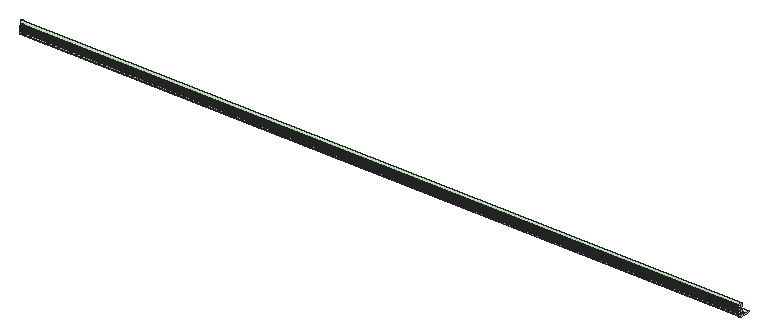
Revit family "PowerL3850", category 機械設備, Revit 2020
Family settings
  丸型コネクタ寸法 = 直径を使用
  種別 = なし
  パーツ タイプ = 標準
  作業面ベース = いいえ
  常に垂直 = はい
  ロード時にボイドで切り取り = いいえ
  共有 = いいえ
  部屋計算ポイント = いいえ
Parameters
  製造元 = "株式会社桐井製作所"
  既定の高さ = 0 mm
  URL = "https://www.kirii.co.jp/"
  K_長さ(mm) [instance] = 3000 mm
  K_品名 = "Power L 3850"
  K_名称 = "耐震天井見切り"
  K_バージョン情報 = "20211216"
Reference planes
  plane 1 "中心(正面/背面)": y = 0
  plane 2: z = 0
  plane 3 "中心(左/右)": x = 0
  plane 4: x = 3000
Forms (mm)
  Extrusion 1, solid
    sketch origin (0, 0, 0) x (0, 1, 0) y (0, 0, 1)
      loop
        line (3, 50) -> (0, 40) -> (0, 38.714)
        arc (0, 38.714) -> (0.3, 38) -> (0, 37.286) r 1
        line (0, 37.286) -> (0, 36.486)
        arc (0, 36.486) -> (0.3, 35.772) -> (0, 35.058) r 1
        line (0, 35.058) -> (0, 34.258)
        arc (0, 34.258) -> (0.3, 33.543) -> (0, 32.829) r 1
        line (0, 32.829) -> (0, 32.029)
        arc (0, 32.029) -> (0.3, 31.315) -> (0, 30.601) r 1
        line (0, 30.601) -> (0, 29.801)
        arc (0, 29.801) -> (0.3, 29.087) -> (0, 28.373) r 1
        line (0, 28.373) -> (0, 27.573)
        arc (0, 27.573) -> (0.3, 26.859) -> (0, 26.144) r 1
        line (0, 26.144) -> (0, 25.344)
        arc (0, 25.344) -> (0.3, 24.63) -> (0, 23.916) r 1
        line (0, 23.916) -> (0, 23.116)
        arc (0, 23.116) -> (0.3, 22.402) -> (0, 21.688) r 1
        line (0, 21.688) -> (0, 20.888)
        arc (0, 20.888) -> (0.3, 20.174) -> (0, 19.46) r 1
        line (0, 19.46) -> (0, 18.66)
        arc (0, 18.66) -> (0.3, 17.945) -> (0, 17.231) r 1
        line (0, 17.231) -> (0, 16.431)
        arc (0, 16.431) -> (0.3, 15.717) -> (0, 15.003) r 1
        line (0, 15.003) -> (0, 14.203)
        arc (0, 14.203) -> (0.3, 13.489) -> (0, 12.775) r 1
        line (0, 12.775) -> (0, 11.975)
        arc (0, 11.975) -> (0.3, 11.261) -> (0, 10.546) r 1
        line (0, 10.546) -> (0, 0.3)
        arc (0, 0.3) -> (0.387, 0.222) -> (0.714, 0) r 1
        line (0.714, 0) -> (1.514, 0)
        arc (1.514, 0) -> (2.228, 0.3) -> (2.942, 0) r 1
        line (2.942, 0) -> (3.742, 0)
        arc (3.742, 0) -> (4.457, 0.3) -> (5.171, 0) r 1
        line (5.171, 0) -> (5.971, 0)
        arc (5.971, 0) -> (6.685, 0.3) -> (7.399, 0) r 1
        line (7.399, 0) -> (8.199, 0)
        arc (8.199, 0) -> (8.913, 0.3) -> (9.627, 0) r 1
        line (9.627, 0) -> (10.427, 0)
        arc (10.427, 0) -> (11.141, 0.3) -> (11.856, 0) r 1
        line (11.856, 0) -> (12.656, 0)
        arc (12.656, 0) -> (13.37, 0.3) -> (14.084, 0) r 1
        line (14.084, 0) -> (14.884, 0)
        arc (14.884, 0) -> (15.598, 0.3) -> (16.312, 0) r 1
        line (16.312, 0) -> (17.112, 0)
        arc (17.112, 0) -> (17.826, 0.3) -> (18.54, 0) r 1
        line (18.54, 0) -> (19.34, 0)
        arc (19.34, 0) -> (20.055, 0.3) -> (20.769, 0) r 1
        line (20.769, 0) -> (21.569, 0)
        arc (21.569, 0) -> (22.283, 0.3) -> (22.997, 0) r 1
        line (22.997, 0) -> (23.894, 0)
        arc (23.894, 0) -> (24.608, 0.3) -> (25.322, 0) r 1
        line (25.322, 0) -> (28, 0) -> (38, 3) -> (38, 5) -> (23, 5) -> (23, 3.7) -> (28, 3.7) -> (28, 1.2) -> (5, 1.2) -> (5, 3.7) -> (10, 3.7) -> (10, 5) -> (4, 5) -> (4, 1.2) -> (1.2, 1.2) -> (1.2, 16) -> (5, 16) -> (5, 22) -> (3.7, 22) -> (3.7, 17) -> (1.2, 17) -> (1.048, 29.007) -> (1.2, 40) -> (3.7, 40) -> (3.7, 35) -> (5, 35) -> (5, 50) -> (3, 50)
    from 0 to 3000
Dimensions and locks
  "K_長さ(mm)": plane 4 to plane 3 "中心(左/右)"
  aligned and locked: level to plane 2
  aligned and locked: plane 4 to Extrusion 1
Automatic sketch dimensions
  Extrusion 1 sketch curve to plane 1 "中心(正面/背面)" = 0 mm  (x14)
  Extrusion 1 sketch curve to level = 0 mm  (x13)
  plane 1 "中心(正面/背面)" to Extrusion 1 sketch curve = 0.7 mm  (x13)
  Extrusion 1 sketch curve to plane 1 "中心(正面/背面)" = 0.714 mm
  Extrusion 1 sketch curve to plane 1 "中心(正面/背面)" = 1.048 mm
  Extrusion 1 sketch curve to plane 1 "中心(正面/背面)" = 1.2 mm  (x2)
  Extrusion 1 sketch curve to Extrusion 1 sketch curve = 0 mm  (x3)
  Extrusion 1 sketch curve to Extrusion 1 sketch curve = 0.8 mm  (x22)
  Extrusion 1 sketch curve to level = 0.7 mm  (x12)
  Extrusion 1 sketch curve to Extrusion 1 sketch curve = 0.714 mm  (x24)
  Extrusion 1 sketch curve to plane 1 "中心(正面/背面)" = 3 mm
  Extrusion 1 sketch curve to Extrusion 1 sketch curve = 2.5 mm  (x4)
  Extrusion 1 sketch curve to plane 1 "中心(正面/背面)" = 4 mm
  Extrusion 1 sketch curve to Extrusion 1 sketch curve = 2 mm  (x2)
  Extrusion 1 sketch curve to Extrusion 1 sketch curve = 1 mm  (x2)
  Extrusion 1 sketch curve to Extrusion 1 sketch curve = 1.3 mm  (x2)
  Extrusion 1 sketch curve to Extrusion 1 sketch curve = 0.373 mm
  Extrusion 1 sketch curve to Extrusion 1 sketch curve = 0.003 mm
  Extrusion 1 sketch curve to Extrusion 1 sketch curve = 0.897 mm
  level to Extrusion 1 sketch curve = 1.2 mm  (x2)
  Extrusion 1 sketch curve to Extrusion 1 sketch curve = 2.678 mm
  level to Extrusion 1 sketch curve = 3 mm
  Extrusion 1 sketch curve to Extrusion 1 sketch curve = 10 mm  (x2)
  Extrusion 1 sketch curve to Extrusion 1 sketch curve = 5.546 mm
  Extrusion 1 sketch curve to Extrusion 1 sketch curve = 0.431 mm
  Extrusion 1 sketch curve to Extrusion 1 sketch curve = 0.312 mm
  Extrusion 1 sketch curve to Extrusion 1 sketch curve = 0.634 mm
  Extrusion 1 sketch curve to Extrusion 1 sketch curve = 0.742 mm
  Extrusion 1 sketch curve to Extrusion 1 sketch curve = 1.286 mm
